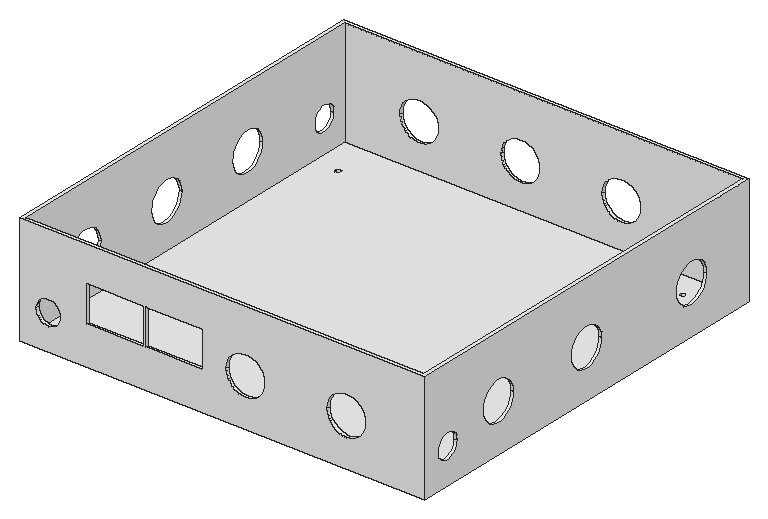
Revit family "FSR_PWB-320-BX", category Data Devices, host Face, Revit 2026
Family settings
  Host = Face
  Round Connector Dimension = Use Diameter
  Part Type = Normal
  Classification Number = 23.85.50.17
  Cut with Voids When Loaded = No
  Maintain Annotation Orientation = Yes
  Shared = No
  Room Calculation Point = No
Parameters
  Default Elevation = 4' - 0"
Reference planes (in)
  plane 1 "Center (Front/Back)": y = 0
  plane 2: z = 0
  plane 3 "Center (Left/Right)": x = 0
Forms (in)
  Extrusion 1, void
    sketch origin (0, 0, 0) x (1, 0, 0) y (0, 1, 0)
      loop
        line (-7.125, 7.125) -> (-7.125, -7.125) -> (7.125, -7.125) -> (7.125, 7.125) -> (-7.125, 7.125)
    from -3.88 to 0.42584
Lines and regions (in)
  symbolic lines
    curve 1: line (-7.125, 0, 0) -> (7.125, 0, 0)
    curve 2: line (-7.125, 0, -3.88) -> (-7.125, 0, 0)
    curve 3: line (7.125, 0, -3.88) -> (-7.125, 0, -3.88)
    curve 4: line (7.125, 0, 0) -> (7.125, 0, -3.88)
Dimensions and locks (in)
  aligned and locked: plane 2 to host face
  aligned and locked: level to host face
  aligned and locked: Extrusion 1 to nested 1
Nested families (in)
  nested 1: "DATA_FSR_PWB-320-BX" at (0, 0, 0), type "DATA_FSR_PWB-320-BX"
Definition of nested family "DATA_FSR_PWB-320-BX"
  Parameters (values of type "FSR_PWB-320-BX")
    Width = 1' - 2 1/4"
    Manufacturer = "https://www.arcat.com/arcatcos/cos40/arc40389.html"  # constant formula
    Length = 1' - 2 1/4"
    Depth = 0' - 3.88"
    Default Elevation = 0' - 0"
  Reference planes (in)
    plane 1 "Center (Front/Back)": y = 0
    plane 2: z = 0
    plane 3 "Center (Left/Right)": x = 0
    plane 4: x = -7.125
    plane 5: x = 7.125
    plane 6: y = 7.125
    plane 7: y = -7.125
    plane 8: z = -3.88
    plane 9: z = -3.77
  Forms (in)
    Extrusion 1, solid
      sketch origin (0, 0, 0) x (1, 0, 0) y (0, 1, 0)
        loop
          line (-7.125, 7.125) -> (-7.125, -7.125) -> (7.125, -7.125) -> (7.125, 7.125) -> (-7.125, 7.125)
      from -3.88 to 0
    Extrusion 2, void
      sketch origin (0, 0, 0) x (1, 0, 0) y (0, 1, 0)
        loop
          line (-7.015, 7.015) -> (-7.015, -7.015) -> (7.015, -7.015) -> (7.015, 7.015) -> (-7.015, 7.015)
      from 0 to -3.77
    Extrusion 3, void
      sketch origin (0, 0, 0) x (1, 0, 0) y (0, 0, 1)
        loop
          circle (0.8125, -2.192) r 0.688
        loop
          circle (-6.125, -2.63) r 0.4375
        loop
          line (-4.79, -1.236) -> (-4.79, -2.524) -> (-2.785, -2.524) -> (-2.785, -1.236) -> (-4.79, -1.236)
        loop
          line (-2.715, -1.236) -> (-2.715, -2.524) -> (-0.71, -2.524) -> (-0.71, -1.236) -> (-2.715, -1.236)
        loop
          circle (4.375, -2.192) r 0.6875
      from 5.82659 to 8.28319
    Extrusion 4, void
      sketch origin (0, 0, 0) x (1, 0, 0) y (0, 0, 1)
        loop
          circle (2.75, -2.192) r 0.6875
        loop
          circle (-4.375, -2.192) r 0.688
        loop
          circle (6.125, -2.63) r 0.4375
        loop
          circle (-0.8125, -2.192) r 0.688
      from -8.60276 to -5.66706
    Extrusion 5, void
      sketch origin (0, 0, 0) x (0, 1, 0) y (0, 0, 1)
        loop
          circle (6.125, -2.63) r 0.4375
        loop
          circle (2.75, -2.192) r 0.6875
        loop
          circle (-0.8125, -2.192) r 0.6912
        loop
          circle (-4.375, -2.192) r 0.6875
      from -8.28038 to -6.08908
    Extrusion 6, void
      sketch origin (0, 0, 0) x (0, 1, 0) y (0, 0, 1)
        loop
          circle (-6.125, -2.63) r 0.4375
        loop
          circle (-3.875, -2.192) r 0.688
        loop
          circle (0, -2.192) r 0.6875
        loop
          circle (4.625, -2.192) r 0.688
      from 6.079 to 8.19494
    Extrusion 7, void
      sketch origin (0, 0, 0) x (1, 0, 0) y (0, 1, 0)
        loop
          circle (6.12535, -5.625) r 0.0875
        loop
          circle (5.62535, 6.125) r 0.0875
        loop
          circle (-6.12465, 5.625) r 0.0875
        loop
          circle (-5.62465, -6.125) r 0.0875
      from -4.07018 to -3.58425
  Cuts and joins
    Extrusion 2, Extrusion 3, Extrusion 4, Extrusion 5, Extrusion 6, Extrusion 7 cuts Extrusion 1
  Lines and regions (in)
    model lines
      curve 1: circle (-6.125, -7.125, -2.63) r 0.5625 normal (0, -1, 0)
      curve 2: line (-4.86, -7.125, -2.594) -> (-4.86, -7.125, -1.166)
      curve 3: line (-4.86, -7.125, -1.166) -> (-0.64, -7.125, -1.166)
      curve 4: line (-0.64, -7.125, -2.594) -> (-4.86, -7.125, -2.594)
      curve 5: line (-0.64, -7.125, -1.166) -> (-0.64, -7.125, -2.594)
      curve 6: circle (0.8125, -7.125, -2.192) r 1.005 normal (0, -1, 0)
      curve 7: circle (0.8125, -7.125, -2.192) r 0.88 normal (0, -1, 0)
      curve 8: circle (4.375, -7.125, -2.192) r 0.88 normal (0, -1, 0)
      curve 9: line (2.671, -7.125, -1.036) -> (6.079, -7.125, -1.036)
      curve 10: line (2.671, -7.125, -1.81272) -> (2.671, -7.125, -1.036)
      curve 11: line (2.671, -7.125, -3.348) -> (2.671, -7.125, -2.57128)
      curve 12: line (6.079, -7.125, -3.348) -> (2.671, -7.125, -3.348)
      curve 13: line (6.079, -7.125, -1.036) -> (6.079, -7.125, -1.81272)
      curve 14: line (6.079, -7.125, -1.81272) -> (6.375, -7.125, -1.9089)
      curve 15: line (6.375, -7.125, -1.9089) -> (6.375, -7.125, -2.09)
      curve 16: arc (6.375, -7.125, -2.294) -> (6.477, -7.125, -2.192) -> (6.375, -7.125, -2.09) r 0.102
      curve 17: line (6.375, -7.125, -2.294) -> (6.375, -7.125, -2.4751)
      curve 18: line (6.375, -7.125, -2.4751) -> (6.079, -7.125, -2.57128)
      curve 19: line (6.079, -7.125, -2.57128) -> (6.079, -7.125, -3.348)
      curve 20: line (2.671, -7.125, -1.81272) -> (2.375, -7.125, -1.9089)
      curve 21: line (2.375, -7.125, -1.9089) -> (2.375, -7.125, -2.09)
      curve 22: arc (2.375, -7.125, -2.294) -> (2.273, -7.125, -2.192) -> (2.375, -7.125, -2.09) r 0.102
      curve 23: line (2.375, -7.125, -2.294) -> (2.375, -7.125, -2.4751)
      curve 24: line (2.375, -7.125, -2.4751) -> (2.671, -7.125, -2.57128)
      curve 25: circle (6.125, 7.125, -2.63) r 0.5625 normal (0, 1, 0)
      curve 26: line (-2.671, 7.125, -1.036) -> (-6.079, 7.125, -1.036)
      curve 27: line (-2.671, 7.125, -1.81272) -> (-2.671, 7.125, -1.036)
      curve 28: line (-2.375, 7.125, -1.9089) -> (-2.671, 7.125, -1.81272)
      curve 29: line (-2.375, 7.125, -2.09) -> (-2.375, 7.125, -1.9089)
      curve 30: arc (-2.375, 7.125, -2.09) -> (-2.273, 7.125, -2.192) -> (-2.375, 7.125, -2.294) r 0.102
      curve 31: line (-2.375, 7.125, -2.4751) -> (-2.375, 7.125, -2.294)
      curve 32: line (-2.671, 7.125, -2.57128) -> (-2.375, 7.125, -2.4751)
      curve 33: line (-2.671, 7.125, -3.348) -> (-2.671, 7.125, -2.57128)
      curve 34: line (-6.079, 7.125, -3.348) -> (-2.671, 7.125, -3.348)
      curve 35: circle (-4.375, 7.125, -2.192) r 0.88 normal (0, 1, 0)
      curve 36: line (-6.079, 7.125, -1.036) -> (-6.079, 7.125, -1.81272)
      curve 37: line (-6.079, 7.125, -1.81272) -> (-6.375, 7.125, -1.9089)
      curve 38: line (-6.375, 7.125, -1.9089) -> (-6.375, 7.125, -2.09)
      curve 39: arc (-6.375, 7.125, -2.294) -> (-6.477, 7.125, -2.192) -> (-6.375, 7.125, -2.09) r 0.102
      curve 40: line (-6.375, 7.125, -2.294) -> (-6.375, 7.125, -2.4751)
      curve 41: line (-6.375, 7.125, -2.4751) -> (-6.079, 7.125, -2.57128)
      curve 42: line (-6.079, 7.125, -2.57128) -> (-6.079, 7.125, -3.348)
      curve 43: circle (-0.8125, 7.125, -2.192) r 1.005 normal (0, 1, 0)
      curve 44: circle (-0.8125, 7.125, -2.192) r 0.88 normal (0, 1, 0)
      curve 45: line (4.45342, 7.125, -1.036) -> (1.046, 7.125, -1.036)
      curve 46: line (4.45342, 7.125, -1.81272) -> (4.45342, 7.125, -1.036)
      curve 47: line (4.74942, 7.125, -1.9089) -> (4.45342, 7.125, -1.81272)
      curve 48: line (4.74942, 7.125, -2.09) -> (4.74942, 7.125, -1.9089)
      curve 49: arc (4.74942, 7.125, -2.09) -> (4.85142, 7.125, -2.192) -> (4.74942, 7.125, -2.294) r 0.102
      curve 50: line (4.74942, 7.125, -2.4751) -> (4.74942, 7.125, -2.294)
      curve 51: line (4.45342, 7.125, -2.57128) -> (4.74942, 7.125, -2.4751)
      curve 52: line (4.45342, 7.125, -3.348) -> (4.45342, 7.125, -2.57128)
      curve 53: line (1.046, 7.125, -3.348) -> (4.45342, 7.125, -3.348)
      curve 54: line (0.74942, 7.125, -2.4751) -> (1.046, 7.125, -2.57147)
      curve 55: line (0.74942, 7.125, -2.294) -> (0.74942, 7.125, -2.4751)
      curve 56: arc (0.74942, 7.125, -2.294) -> (0.64742, 7.125, -2.192) -> (0.74942, 7.125, -2.09) r 0.102
      curve 57: line (0.74942, 7.125, -1.9089) -> (0.74942, 7.125, -2.09)
      curve 58: line (1.046, 7.125, -1.81272) -> (0.74942, 7.125, -1.9089)
      curve 59: line (1.046, 7.125, -1.036) -> (1.046, 7.125, -1.81272)
      curve 60: line (1.046, 7.125, -2.57147) -> (1.046, 7.125, -3.348)
      curve 61: line (-7.125, 4.454, -1.036) -> (-7.125, 1.046, -1.036)
      curve 62: line (-7.125, 4.454, -1.81272) -> (-7.125, 4.454, -1.036)
      curve 63: line (-7.125, 4.75, -1.9089) -> (-7.125, 4.454, -1.81272)
      curve 64: line (-7.125, 4.75, -2.09) -> (-7.125, 4.75, -1.9089)
      curve 65: arc (-7.125, 4.75, -2.09) -> (-7.125, 4.852, -2.192) -> (-7.125, 4.75, -2.294) r 0.102
      curve 66: line (-7.125, 4.75, -2.4751) -> (-7.125, 4.75, -2.294)
      curve 67: line (-7.125, 4.454, -2.57128) -> (-7.125, 4.75, -2.4751)
      curve 68: line (-7.125, 4.454, -3.348) -> (-7.125, 4.454, -2.57128)
      curve 69: line (-7.125, 1.046, -3.348) -> (-7.125, 4.454, -3.348)
      curve 70: circle (-7.125, 2.75, -2.192) r 0.88 normal (-1, 0, 0)
      curve 71: line (-7.125, 1.046, -2.57128) -> (-7.125, 1.046, -3.348)
      curve 72: line (-7.125, 0.75, -2.4751) -> (-7.125, 1.046, -2.57128)
      curve 73: line (-7.125, 0.75, -2.294) -> (-7.125, 0.75, -2.4751)
      curve 74: arc (-7.125, 0.75, -2.294) -> (-7.125, 0.648, -2.192) -> (-7.125, 0.75, -2.09) r 0.102
      curve 75: line (-7.125, 0.75, -1.9089) -> (-7.125, 0.75, -2.09)
      curve 76: line (-7.125, 1.046, -1.81272) -> (-7.125, 0.75, -1.9089)
      curve 77: line (-7.125, 1.046, -1.036) -> (-7.125, 1.046, -1.81272)
      curve 78: circle (-7.125, 6.125, -2.63) r 0.5625 normal (-1, 0, 0)
      curve 79: circle (-7.125, -0.8125, -2.192) r 1.005 normal (-1, 0, 0)
      curve 80: circle (-7.125, -0.8125, -2.192) r 0.88 normal (-1, 0, 0)
      curve 81: circle (-7.125, -4.375, -2.192) r 0.88 normal (-1, 0, 0)
      curve 82: line (-7.125, -2.671, -1.036) -> (-7.125, -6.079, -1.036)
      curve 83: line (-7.125, -2.671, -1.81272) -> (-7.125, -2.671, -1.036)
      curve 84: line (-7.125, -2.375, -1.9089) -> (-7.125, -2.671, -1.81272)
      curve 85: line (-7.125, -2.375, -2.09) -> (-7.125, -2.375, -1.9089)
      curve 86: arc (-7.125, -2.375, -2.09) -> (-7.125, -2.273, -2.192) -> (-7.125, -2.375, -2.294) r 0.102
      curve 87: line (-7.125, -2.375, -2.4751) -> (-7.125, -2.375, -2.294)
      curve 88: line (-7.125, -2.671, -2.57128) -> (-7.125, -2.375, -2.4751)
      curve 89: line (-7.125, -2.671, -3.348) -> (-7.125, -2.671, -2.57128)
      curve 90: line (-7.125, -6.079, -3.348) -> (-7.125, -2.671, -3.348)
      curve 91: line (-7.125, -6.079, -2.57128) -> (-7.125, -6.079, -3.348)
      curve 92: line (-7.125, -6.375, -2.4751) -> (-7.125, -6.079, -2.57128)
      curve 93: line (-7.125, -6.375, -2.294) -> (-7.125, -6.375, -2.4751)
      curve 94: arc (-7.125, -6.375, -2.294) -> (-7.125, -6.477, -2.192) -> (-7.125, -6.375, -2.09) r 0.102
      curve 95: line (-7.125, -6.375, -1.9089) -> (-7.125, -6.375, -2.09)
      curve 96: line (-7.125, -6.079, -1.81272) -> (-7.125, -6.375, -1.9089)
      curve 97: line (-7.125, -6.079, -1.036) -> (-7.125, -6.079, -1.81272)
      curve 98: line (7.125, 1.704, -1.036) -> (7.125, -1.704, -1.036)
      curve 99: line (7.125, 1.704, -1.81272) -> (7.125, 1.704, -1.036)
      curve 100: line (7.125, 2, -1.9089) -> (7.125, 1.704, -1.81272)
      curve 101: line (7.125, 2, -2.09) -> (7.125, 2, -1.9089)
      curve 102: arc (7.125, 2, -2.09) -> (7.125, 2.102, -2.192) -> (7.125, 2, -2.294) r 0.102
      curve 103: line (7.125, 2, -2.4751) -> (7.125, 2, -2.294)
      curve 104: line (7.125, 1.704, -2.57128) -> (7.125, 2, -2.4751)
      curve 105: line (7.125, 1.704, -3.348) -> (7.125, 1.704, -2.57128)
      curve 106: line (7.125, -1.704, -3.348) -> (7.125, 1.704, -3.348)
      curve 107: line (7.125, -1.704, -2.57128) -> (7.125, -1.704, -3.348)
      curve 108: line (7.125, -2, -2.4751) -> (7.125, -1.704, -2.57128)
      curve 109: line (7.125, -2, -2.294) -> (7.125, -2, -2.4751)
      curve 110: arc (7.125, -2, -2.294) -> (7.125, -2.102, -2.192) -> (7.125, -2, -2.09) r 0.102
      curve 111: line (7.125, -2, -1.9089) -> (7.125, -2, -2.09)
      curve 112: line (7.125, -1.704, -1.81272) -> (7.125, -2, -1.9089)
      curve 113: line (7.125, -1.704, -1.036) -> (7.125, -1.704, -1.81272)
      curve 114: circle (7.125, 0, -2.192) r 0.88 normal (1, 0, 0)
      curve 115: circle (7.125, 4.625, -2.192) r 1.234 normal (1, 0, 0)
      curve 116: circle (7.125, 4.625, -2.192) r 1.005 normal (1, 0, 0)
      curve 117: circle (7.125, -3.875, -2.192) r 1.005 normal (1, 0, 0)
      curve 118: circle (7.125, -3.875, -2.192) r 0.88 normal (1, 0, 0)
      curve 119: circle (7.125, -6.125, -2.63) r 0.5625 normal (1, 0, 0)
      curve 120: circle (2.75, 7.125, -2.192) r 0.88 normal (0, 1, 0)
  Dimensions and locks (in)
    equal spacing: plane 4, plane 3 "Center (Left/Right)", plane 5
    equal spacing: plane 7, plane 1 "Center (Front/Back)", plane 6
    "Width": plane 7 to plane 6
    "Length": plane 4 to plane 5
    "Depth": level to plane 8
    aligned and locked: plane 6 to Extrusion 1 sketch curve
    aligned and locked: plane 4 to Extrusion 1 sketch curve
    aligned and locked: Extrusion 1 sketch curve to plane 7
    aligned and locked: Extrusion 1 sketch curve to plane 5
    aligned and locked: Extrusion 1 to plane 8
    aligned and locked: level to Extrusion 1
    aligned and locked: cut or joined group of Extrusion 1, Extrusion 2, Extrusion 3, Extrusion 4, Extrusion 5, Extrusion 6, Extrusion 7 to plane 9
  Automatic sketch dimensions
    plane 4 to Extrusion 2 sketch curve = 0' - 0.11"
    Extrusion 2 sketch curve to plane 5 = 0' - 0.11"
    Extrusion 2 sketch curve to plane 7 = 0' - 0.11"
    plane 6 to Extrusion 2 sketch curve = 0' - 0.11"
    plane 4 to Extrusion 3 sketch curve = 0' - 1"
    Extrusion 3 sketch curve to Extrusion 3 sketch curve = 0' - 1.335"
    Extrusion 3 sketch curve to Extrusion 3 sketch curve = 0' - 2.005"
    Extrusion 3 sketch curve to Extrusion 3 sketch curve = 0' - 0.07"
    Extrusion 3 sketch curve to plane 3 "Center (Left/Right)" = 0' - 0.71"
    plane 3 "Center (Left/Right)" to Extrusion 3 sketch curve = 0' - 0 13/16"
    Extrusion 3 sketch curve to plane 5 = 0' - 2 3/4"
    plane 9 to Extrusion 3 sketch curve = 0' - 1.14"
    plane 9 to Extrusion 3 sketch curve = 0' - 1.246"  (x2)
    Extrusion 3 sketch curve to Extrusion 3 sketch curve = 0' - 0.332"
    plane 9 to Extrusion 3 sketch curve = 0' - 1.578"
    Extrusion 3 sketch curve to level = 0' - 1.236"
    Extrusion 3 sketch curve to Extrusion 3 sketch curve = 0' - 0"
    curve 6 to curve 7 = 0' - 0"  (x2)
    curve 14 to Extrusion 1 = 0' - 0 3/4"
    curve 17 to curve 18 = 0' - 0.296"
    curve 14 to curve 14 = 0' - 0.296"
    curve 13 to curve 8 = 0' - 1.704"
    Extrusion 1 to curve 12 = 0' - 0.532"
    curve 8 to curve 12 = 0' - 1.704"
    curve 10 to curve 11 = 0' - 0"
    Extrusion 1 to curve 20 = 0' - 1.9089"
    curve 10 to curve 20 = 0' - 0.296"
    curve 22 to curve 6 = 0' - 1 9/16"
    curve 6 to curve 5 = 0' - 1.4525"
    Extrusion 1 to curve 4 = 0' - 2.265"
    Extrusion 1 to curve 1 = 0' - 1"
    curve 15 to curve 12 = 0' - 1.4391"
    curve 10 to curve 20 = 0' - 0.09618"
    curve 14 to curve 14 = 0' - 0.09618"
    Extrusion 1 to curve 3 = 0' - 1.166"
    curve 9 to curve 10 = 0' - 0.77672"
    curve 20 to curve 21 = 0' - 0.1811"
    curve 14 to curve 15 = 0' - 0.1811"
    curve 21 to curve 6 = 0' - 0.102"
    Extrusion 1 to curve 8 = 0' - 1.688"
    curve 21 to curve 22 = 0' - 0.102"
    curve 15 to curve 16 = 0' - 0.102"
    curve 17 to curve 17 = 0' - 0.1811"
    curve 22 to curve 24 = 0' - 0.1811"
    curve 17 to curve 19 = 0' - 0.09618"
    curve 23 to curve 24 = 0' - 0.09618"
    Extrusion 1 to curve 2 = 0' - 1.286"
    Extrusion 1 to curve 1 = 0' - 1 1/4"
    curve 79 to curve 80 = 0' - 0"  (x2)
    curve 94 to Extrusion 1 = 0' - 0 3/4"
    curve 95 to curve 97 = 0' - 0.296"
    curve 92 to curve 92 = 0' - 0.296"
    curve 91 to curve 81 = 0' - 1.704"
    Extrusion 1 to curve 89 = 0' - 0.532"
    curve 81 to curve 89 = 0' - 1.704"
    curve 82 to curve 88 = 0' - 0"
    curve 83 to curve 86 = 0' - 0.296"
    curve 86 to curve 80 = 0' - 1 9/16"
    curve 79 to curve 73 = 0' - 1 9/16"
    curve 75 to curve 77 = 0' - 0.296"
    curve 72 to curve 69 = 0' - 0.296"
    curve 71 to curve 70 = 0' - 1.704"
    curve 70 to curve 68 = 0' - 1.704"
    curve 61 to curve 67 = 0' - 0"
    curve 67 to curve 65 = 0' - 0.296"
    Extrusion 1 to curve 78 = 0' - 1"
    Extrusion 1 to curve 78 = 0' - 1 1/4"
    Extrusion 1 to curve 68 = 0' - 1.30872"
    curve 88 to curve 89 = 0' - 0.77672"
    Extrusion 1 to curve 71 = 0' - 1.30872"
    curve 92 to curve 90 = 0' - 0.77672"
    curve 72 to curve 71 = 0' - 0.09618"
    curve 66 to curve 67 = 0' - 0.09618"
    curve 88 to curve 88 = 0' - 0.09618"
    curve 93 to curve 91 = 0' - 0.09618"
    curve 87 to curve 87 = 0' - 0.1811"
    curve 93 to curve 92 = 0' - 0.1811"
    curve 66 to curve 66 = 0' - 0.1811"
    curve 73 to curve 72 = 0' - 0.1811"
    curve 86 to curve 87 = 0' - 0.102"
    Extrusion 1 to curve 81 = 0' - 1.688"
    curve 80 to curve 86 = 0' - 0"
    curve 65 to curve 65 = 0' - 0.102"
    Extrusion 1 to curve 70 = 0' - 1.688"
    curve 94 to curve 93 = 0' - 0.102"
    curve 74 to curve 73 = 0' - 0.102"
    curve 75 to curve 74 = 0' - 0.1811"
    curve 95 to curve 94 = 0' - 0.1811"
    curve 85 to curve 85 = 0' - 0.1811"
    curve 63 to curve 64 = 0' - 0.1811"
    curve 76 to curve 75 = 0' - 0.09618"
    curve 96 to curve 95 = 0' - 0.09618"
    curve 84 to curve 84 = 0' - 0.09618"
    curve 62 to curve 63 = 0' - 0.09618"
    curve 77 to curve 76 = 0' - 0.77672"
    curve 83 to curve 83 = 0' - 0.77672"
    Extrusion 1 to curve 68 = 0' - 0.532"
    Extrusion 5 sketch curve to plane 7 = 0' - 2 3/4"
    plane 1 "Center (Front/Back)" to Extrusion 5 sketch curve = 0' - 0 13/16"
    Extrusion 5 sketch curve to plane 1 "Center (Front/Back)" = 0' - 2 3/4"
    plane 6 to Extrusion 5 sketch curve = 0' - 1"
    plane 9 to Extrusion 5 sketch curve = 0' - 1.14"
    plane 9 to Extrusion 5 sketch curve = 0' - 1.578"  (x3)
    curve 115 to curve 116 = 0' - 0"  (x2)
    curve 117 to curve 118 = 0' - 0"  (x2)
    Extrusion 1 to curve 115 = 0' - 2 1/2"
    Extrusion 1 to curve 104 = 0' - 1.4049"
    curve 115 to curve 104 = 0' - 2 5/8"
    curve 100 to curve 98 = 0' - 0.296"
    Extrusion 1 to curve 104 = 0' - 1.30872"
    curve 103 to curve 104 = 0' - 0.296"
    curve 99 to curve 114 = 0' - 1.704"
    Extrusion 1 to curve 106 = 0' - 0.532"
    curve 114 to curve 106 = 0' - 1.704"
    curve 98 to curve 107 = 0' - 0"
    curve 112 to curve 111 = 0' - 0.296"
    curve 110 to curve 118 = 0' - 1 7/8"
    Extrusion 1 to curve 119 = 0' - 1"
    curve 109 to curve 106 = 0' - 1.054"
    curve 103 to curve 103 = 0' - 0.1811"
    Extrusion 1 to curve 115 = 0' - 1.688"
    curve 110 to curve 109 = 0' - 0.102"
    Extrusion 1 to curve 118 = 0' - 1.688"
    Extrusion 1 to curve 114 = 0' - 1.688"
    curve 102 to curve 102 = 0' - 0.102"
    curve 111 to curve 110 = 0' - 0.1811"
    curve 100 to curve 101 = 0' - 0.1811"
    curve 112 to curve 111 = 0' - 0.09618"
    curve 100 to curve 100 = 0' - 0.09618"
    curve 98 to curve 99 = 0' - 0.77672"
    curve 109 to curve 108 = 0' - 0.1811"
    curve 108 to curve 107 = 0' - 0.09618"
    Extrusion 1 to curve 119 = 0' - 1 1/4"
    Extrusion 6 sketch curve to plane 1 "Center (Front/Back)" = 0' - 0"
    plane 9 to Extrusion 6 sketch curve = 0' - 1.578"  (x3)
    Extrusion 6 sketch curve to plane 7 = 0' - 3 1/4"
    Extrusion 6 sketch curve to plane 7 = 0' - 1"
    plane 6 to Extrusion 6 sketch curve = 0' - 2 1/2"
    plane 9 to Extrusion 6 sketch curve = 0' - 1.14"
    curve 43 to curve 44 = 0' - 0"  (x2)
    curve 39 to Extrusion 1 = 0' - 0 3/4"
    curve 40 to curve 41 = 0' - 0.296"
    curve 37 to curve 26 = 0' - 0.296"
    curve 36 to curve 35 = 0' - 1.704"
    curve 26 to curve 44 = 0' - 5.2665"
    curve 35 to curve 34 = 0' - 1.704"
    curve 32 to curve 26 = 0' - 0"
    curve 43 to curve 55 = 0' - 1.56192"
    curve 32 to curve 31 = 0' - 0.296"
    curve 57 to curve 59 = 0' - 0.29658"
    curve 54 to curve 60 = 0' - 0.29658"
    curve 58 to curve 120 = 0' - 1.704"
    curve 120 to curve 52 = 0' - 1.70342"
    curve 51 to curve 46 = 0' - 0"
    curve 46 to curve 49 = 0' - 0.296"
    curve 50 to curve 25 = 0' - 1.37558"
    Extrusion 1 to curve 45 = 0' - 2.844"
    curve 45 to curve 46 = 0' - 0.77672"
    curve 45 to curve 59 = 0' - 0.77672"
    curve 58 to curve 58 = 0' - 0.09618"
    curve 46 to curve 47 = 0' - 0.09618"
    curve 57 to curve 57 = 0' - 0.1811"
    curve 47 to curve 48 = 0' - 0.1811"
    curve 56 to curve 56 = 0' - 0.102"
    curve 43 to curve 56 = 0' - 0"
    curve 48 to curve 49 = 0' - 0.102"
    curve 46 to curve 120 = 0' - 0.37928"
    curve 56 to curve 54 = 0' - 0.1811"
    curve 49 to curve 51 = 0' - 0.1811"
    curve 50 to curve 52 = 0' - 0.09618"
    curve 54 to curve 60 = 0' - 0.09636"
    curve 50 to curve 25 = 0' - 0.1549"
    curve 51 to curve 52 = 0' - 0.77672"
    curve 26 to curve 43 = 0' - 1.156"
    curve 26 to curve 27 = 0' - 0.77672"
    curve 26 to curve 37 = 0' - 0.77672"
    curve 36 to curve 38 = 0' - 0.09618"
    curve 27 to curve 29 = 0' - 0.09618"
    curve 28 to curve 29 = 0' - 0.1811"
    curve 37 to curve 38 = 0' - 0.1811"
    curve 36 to curve 35 = 0' - 0.37928"
    curve 38 to curve 39 = 0' - 0.102"
    curve 29 to curve 30 = 0' - 0.102"
    curve 39 to curve 41 = 0' - 0.1811"
    curve 30 to curve 32 = 0' - 0.1811"
    curve 40 to curve 42 = 0' - 0.09618"
    curve 31 to curve 32 = 0' - 0.09618"
    curve 41 to curve 34 = 0' - 0.77672"
    plane 4 to Extrusion 4 sketch curve = 0' - 2 3/4"
    Extrusion 4 sketch curve to Extrusion 4 sketch curve = 0' - 3 9/16"  (x2)
    Extrusion 4 sketch curve to Extrusion 4 sketch curve = 0' - 3 3/8"
    plane 8 to Extrusion 4 sketch curve = 0' - 1 1/4"
    Extrusion 4 sketch curve to Extrusion 4 sketch curve = 0' - 0.438"  (x2)
    Extrusion 4 sketch curve to Extrusion 4 sketch curve = 0' - 0"
    radius of Extrusion 3 sketch curve = 0' - 0.688"
    radius of Extrusion 3 sketch curve = 0' - 0 7/16"
    radius of Extrusion 3 sketch curve = 0' - 0 11/16"
    radius of curve 1 = 0' - 0 9/16"
    radius of curve 6 = 0' - 1.005"
    radius of curve 7 = 0' - 0.88"
    radius of curve 8 = 0' - 0.88"
    radius of curve 70 = 0' - 0.88"
    radius of curve 78 = 0' - 0 9/16"
    radius of curve 79 = 0' - 1.005"
    radius of curve 80 = 0' - 0.88"
    radius of curve 81 = 0' - 0.88"
    radius of Extrusion 5 sketch curve = 0' - 0 7/16"
    radius of Extrusion 5 sketch curve = 0' - 0 11/16"  (x2)
    radius of Extrusion 5 sketch curve = 0' - 0.6912"
    radius of curve 114 = 0' - 0.88"
    radius of curve 115 = 0' - 1.234"
    radius of curve 116 = 0' - 1.005"
    radius of curve 117 = 0' - 1.005"
    radius of curve 118 = 0' - 0.88"
    radius of curve 119 = 0' - 0 9/16"
    radius of Extrusion 6 sketch curve = 0' - 0 7/16"
    radius of Extrusion 6 sketch curve = 0' - 0.688"  (x2)
    radius of Extrusion 6 sketch curve = 0' - 0 11/16"
    radius of curve 25 = 0' - 0 9/16"
    radius of curve 35 = 0' - 0.88"
    radius of curve 43 = 0' - 1.005"
    radius of curve 44 = 0' - 0.88"
    radius of curve 120 = 0' - 0.88"
    radius of Extrusion 4 sketch curve = 0' - 0 11/16"
    radius of Extrusion 4 sketch curve = 0' - 0.688"  (x2)
    radius of Extrusion 4 sketch curve = 0' - 0 7/16"
